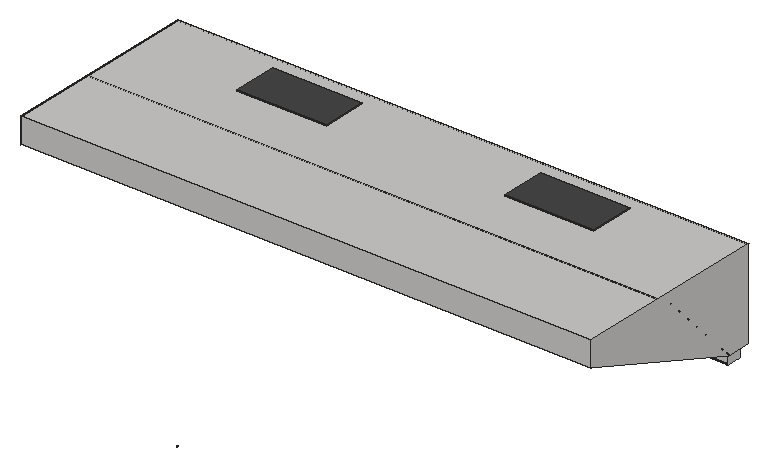
Revit family "QF_ELECTROLUXPROFESSIONAL_642094_MP1132DT", category Specialty Equipment, Revit 2014
Reference planes
  plane 1 "Center (Front/Back)": y = 0
  plane 2: z = 0
  plane 3 "Center (Left/Right)": x = 150
  plane 4 "LEFT": x = -1450
  plane 5 "RIGHT": x = 1750
  plane 6 "BACK": y = 550
  plane 7 "FRONT": y = -550
  plane 8 "Plane": z = 2000
  plane 9 "TOP": z = 2140
  plane 10 "Base": z = 1640
  plane 11: z = 1566
  plane 12 "DrainY": y = 485
  plane 13: x = -1447
  plane 14: through (0, 414.509, 1640.8) normal (0, 0.7314, 0.682)
  plane 15: y = 470
  plane 16: y = 220
  plane 17 "DrainX": x = 1630
  plane 18: x = -350
  plane 19: x = 650
  plane 20: x = -850
  plane 21: x = 1150
  plane 22: x = 1747
  plane 23: x = 1540
  plane 24: x = 1720
  plane 25: x = -1410
  plane 26: x = -1045
  plane 27: x = -650
  plane 28: x = 1710
  plane 29: x = 1345
  plane 30: x = 950
Forms (mm)
  Extrusion 1, solid, material "QF_Finishes_Stainless Steel"
    sketch origin (-1450, 0, 0) x (0, 1, 0) y (0, 0, 1)
      loop
        line (550, 1640) -> (550, 2140) -> (-550, 2140) -> (-550, 1999.112) -> (413.973, 1640) -> (550, 1640)
    from 0 to 3
  Extrusion 2, solid, material "QF_Finishes_Stainless Steel"
    sketch origin (150, 0, 0) x (0, 1, 0) y (0, 0, 1)
      loop
        line (415.255, 1640) -> (550, 1640) -> (550, 2139.19) -> (549.2, 2139.19) -> (549.2, 1640.8) -> (415.876, 1640.8) -> (339.347, 1722.867) -> (349.609, 1732.436) -> (348.927, 1733.167) -> (337.934, 1722.917) -> (415.255, 1640)
      loop
        line (-82.203, 2139.19) -> (-82.203, 2118.6) -> (-31.047, 2118.6) -> (34.354, 2048.466) -> (46.028, 2059.352) -> (45.346, 2060.083) -> (34.403, 2049.879) -> (-30.612, 2119.6) -> (-81.203, 2119.6) -> (-81.203, 2139.19) -> (-82.203, 2139.19)
    from -1597 to 1597
  Extrusion 3, solid, material "QF_Finishes_Stainless Steel"
    sketch origin (1750, 0, 0) x (0, 1, 0) y (0, 0, 1)
      loop
        line (550, 1640) -> (550, 2140) -> (-550, 2140) -> (-550, 1999.112) -> (413.973, 1640) -> (550, 1640)
    from 0 to -3
  Extrusion 4, solid, material "QF_Finishes_Stainless Steel"
    sketch origin (150, 0, 0) x (0, 1, 0) y (0, 0, 1)
      loop
        line (-550, 2140) -> (-550, 2000) -> (-549.2, 2000) -> (-549.2, 2139.19) -> (550, 2139.19) -> (550, 2140) -> (-550, 2140)
    from -1600 to 1600
  Extrusion 5, solid, material "QF_Finishes_Stainless Steel"
    sketch origin (150, 0, 0) x (0, 1, 0) y (0, 0, 1)
      loop
        line (534, 1640) -> (436, 1640) -> (436, 1627) -> (443.5, 1627) -> (443.5, 1576)
        arc (443.5, 1576) -> (446.429, 1568.929) -> (453.5, 1566) r 10
        line (453.5, 1566) -> (516.5, 1566)
        arc (516.5, 1566) -> (523.571, 1568.929) -> (526.5, 1576) r 10
        line (526.5, 1576) -> (526.5, 1627) -> (534, 1627) -> (534, 1640)
    from 1390 to 1570
  Extrusion 6, solid, material "QF_Finishes_Stainless Steel"
    sketch origin (0, 0, 1640) x (0, 1, 0) y (-1, 0, 0)
      loop
        circle (485, -1630) r 20
    from -76 to -74
  Extrusion 7, solid, material "QF_Finished_Chrome"
    sketch origin (150, 0, 0) x (0, 1, 0) y (0, 0, 1)
      loop
        line (337.934, 1722.917) -> (341.591, 1726.327) -> (38.011, 2051.876) -> (34.354, 2048.466) -> (337.934, 1722.917)
    from -1195 to -1560
  Extrusion 8, solid, material "QF_Finished_Chrome"
    sketch origin (150, 0, 0) x (0, 1, 0) y (0, 0, 1)
      loop
        line (337.934, 1722.917) -> (341.591, 1726.327) -> (38.011, 2051.876) -> (34.354, 2048.466) -> (337.934, 1722.917)
    from 800 to -800
  Extrusion 9, solid, material "QF_Finishes_Stainless Steel"
    sketch origin (150, 0, 0) x (0, 1, 0) y (0, 0, 1)
      loop
        line (337.934, 1722.917) -> (341.591, 1726.327) -> (38.011, 2051.876) -> (34.354, 2048.466) -> (337.934, 1722.917)
    from 1597 to 1560
  Extrusion 10, solid, material "QF_Finishes_Stainless Steel"
    sketch origin (150, 0, 0) x (0, 1, 0) y (0, 0, 1)
      loop
        line (341.588, 1726.324) -> (38.009, 2051.874) -> (34.354, 2048.466) -> (337.934, 1722.917) -> (341.588, 1726.324)
    from -1195 to -800
  Extrusion 11, solid, material "QF_Finished_Chrome"
    sketch origin (150, 0, 0) x (0, 1, 0) y (0, 0, 1)
      loop
        line (341.588, 1726.324) -> (38.009, 2051.874) -> (34.354, 2048.466) -> (337.934, 1722.917) -> (341.588, 1726.324)
    from 1195 to 1560
  Extrusion 12, solid, material "QF_Finishes_Black"
    sketch origin (0, 0, 2140) x (0, 1, 0) y (-1, 0, 0)
      loop
        line (470, 850) -> (220, 850) -> (220, 350) -> (470, 350) -> (470, 850)
    from 5 to 0
  Extrusion 13, solid, material "QF_Finishes_Black"
    sketch origin (940, 0, 2140) x (0, 1, 0) y (-1, 0, 0)
      loop
        line (470, 290) -> (220, 290) -> (220, -210) -> (470, -210) -> (470, 290)
    from 5 to 0
  Extrusion 14, solid, material "QF_Finishes_Stainless Steel"
    sketch origin (0, 0, 0) x (1, 0, 0) y (0, 1, 0)
      loop
        line (-1450, 550) -> (-1450, 549) -> (-1449, 549) -> (-1449, 550) -> (-1450, 550)
    from 0 to 1
  Extrusion 15, solid, material "QF_Finishes_Stainless Steel"
    sketch origin (150, 0, 0) x (0, 1, 0) y (0, 0, 1)
      loop
        line (337.934, 1722.917) -> (341.591, 1726.327) -> (38.011, 2051.876) -> (34.354, 2048.466) -> (337.934, 1722.917)
    from -1560 to -1597
  Extrusion 16, solid, material "QF_Finishes_Stainless Steel"
    sketch origin (150, 0, 0) x (0, 1, 0) y (0, 0, -1)
      loop
        line (341.588, -1726.324) -> (337.934, -1722.917) -> (34.354, -2048.466) -> (38.009, -2051.874) -> (341.588, -1726.324)
    from -1195 to -800
Cuts and joins
  joined: Extrusion 2, Extrusion 4
Lines and regions (mm)
  reference lines
    curve 1: line (150, 34.354, 2048.466) -> (150, 34.354, 1888.466)
  symbolic lines, style "SpecialityEquipment", detail levels coarse
    curve 2: line (1750, 550, 2140) -> (-1450, 550, 2140)
    curve 3: line (-1450, 550, 2140) -> (-1450, -550, 2140)
    curve 4: line (1750, -550, 2140) -> (1750, 550, 2140)
    curve 5: line (-1450, -550, 2140) -> (1750, -550, 2140)
    curve 6: line (-850, 220, 2140) -> (-350, 220, 2140)
    curve 7: line (-850, 470, 2140) -> (-850, 220, 2140)
    curve 8: line (-350, 470, 2140) -> (-850, 470, 2140)
    curve 9: line (-350, 220, 2140) -> (-350, 470, 2140)
    curve 10: line (650, 470, 2140) -> (650, 220, 2140)
    curve 11: line (650, 220, 2140) -> (1150, 220, 2140)
    curve 12: line (1150, 470, 2140) -> (650, 470, 2140)
    curve 13: line (1150, 220, 2140) -> (1150, 470, 2140)
    curve 14: line (-1450, -550, 0) -> (1750, 550, 0)
    curve 15: line (1750, -550, 0) -> (-1450, 550, 0)
Dimensions and locks
  plane 4 "LEFT" to plane 5 "RIGHT" = 3200 mm
  equal spacing: plane 4 "LEFT", plane 3 "Center (Left/Right)", plane 5 "RIGHT"
  locked: plane 8 "Plane" to level at 2000
  plane 9 "TOP" to plane 8 "Plane" = 140 mm
  locked: plane 9 "TOP" to plane 10 "Base" at 500
  plane 10 "Base" to plane 11 = 74 mm
  plane 6 "BACK" to plane 12 "DrainY" = 65 mm  (x2)
  plane 4 "LEFT" to plane 13 = 3 mm
  plane 6 "BACK" to plane 15 = 80 mm
  plane 15 to plane 16 = 250 mm  (x2)
  plane 17 "DrainX" to plane 5 "RIGHT" = 120 mm
  locked: plane 18 to plane 19 at 1000
  equal spacing: plane 18, plane 3 "Center (Left/Right)", plane 19
  plane 20 to plane 18 = 500 mm
  plane 19 to plane 21 = 500 mm
  plane 22 to plane 5 "RIGHT" = 3 mm
  locked: plane 23 to plane 17 "DrainX" at 90
  locked: plane 17 "DrainX" to plane 24 at 90
  plane 6 "BACK" to plane 7 "FRONT" = 1100 mm  (x2)
  equal spacing: plane 6 "BACK", plane 1 "Center (Front/Back)", plane 7 "FRONT"
  plane 16 to plane 7 "FRONT" = 770 mm
  plane 15 to plane 6 "BACK" = 80 mm
  locked: plane 4 "LEFT" to plane 25 at 40
  locked: plane 25 to plane 26 at 365
  locked: plane 26 to plane 27 at 395
  locked: plane 28 to plane 29 at 365
  locked: plane 29 to plane 30 at 395
  locked: plane 28 to plane 5 "RIGHT" at 40
  plane 27 to plane 30 = 1600 mm
  aligned and locked: level to plane 2
  aligned and locked: Extrusion 2 to Extrusion 1
  aligned and locked: Extrusion 2 to Extrusion 3
  aligned and locked: plane 5 "RIGHT" to Extrusion 4
  aligned and locked: Extrusion 4 to plane 4 "LEFT"
  aligned and locked: plane 22 to Extrusion 9
  aligned and locked: plane 20 to Extrusion 12
  aligned and locked: Extrusion 12 to plane 18
  aligned and locked: Extrusion 12 to plane 16
  aligned and locked: Extrusion 12 to plane 15
  aligned and locked: Extrusion 13 to plane 21
  aligned and locked: plane 19 to Extrusion 13
  aligned and locked: Extrusion 2 to Extrusion 4
  aligned and locked: plane 24 to Extrusion 5
  aligned and locked: Extrusion 5 to plane 23
  aligned and locked: Extrusion 9 to plane 28
  aligned and locked: Extrusion 11 to plane 28
  aligned and locked: Extrusion 11 to plane 29
  aligned and locked: Extrusion 8 to plane 30
  aligned and locked: Extrusion 8 to plane 27
  aligned and locked: plane 27 to Extrusion 10
  aligned and locked: Extrusion 10 to plane 26
  aligned and locked: plane 26 to Extrusion 7
  aligned and locked: Extrusion 7 to plane 25
  aligned and locked: Extrusion 15 to plane 13
  aligned and locked: plane 25 to Extrusion 15
  aligned and locked: Extrusion 16 to plane 30
  aligned and locked: Extrusion 16 to plane 29
  aligned and locked: Extrusion 3 to plane 22
Automatic sketch dimensions
  curve 5 to plane 4 "LEFT" = 0 mm
  curve 5 to plane 7 "FRONT" = 0 mm
  curve 9 to plane 16 = 0 mm
  curve 10 to plane 16 = 0 mm
  plane 15 to curve 8 = 0 mm
  plane 15 to curve 12 = 0 mm
  curve 3 to plane 6 "BACK" = 0 mm
  curve 5 to plane 5 "RIGHT" = 0 mm
  curve 11 to plane 21 = 0 mm
  curve 10 to plane 19 = 0 mm
  curve 6 to plane 18 = 0 mm
  curve 6 to plane 20 = 0 mm
  Extrusion 1 sketch curve to plane 7 "FRONT" = 0 mm
  Extrusion 1 sketch curve to plane 10 "Base" = 0 mm
  Extrusion 1 sketch curve to plane 6 "BACK" = 0 mm
  Extrusion 1 sketch curve to plane 9 "TOP" = 0 mm
  plane 15 to Extrusion 1 sketch curve = 56.027 mm
  Extrusion 1 sketch curve to plane 8 "Plane" = 0.888 mm
  Extrusion 2 sketch curve to plane 14 = 0 mm  (x3)
  Extrusion 2 sketch curve to plane 10 "Base" = 0 mm
  plane 14 to Extrusion 2 sketch curve = 0 mm
  Extrusion 2 sketch curve to plane 6 "BACK" = 0 mm
  Extrusion 2 sketch curve to Extrusion 2 sketch curve = 65.646 mm
  Extrusion 2 sketch curve to Extrusion 2 sketch curve = 0.682 mm  (x2)
  Extrusion 2 sketch curve to Extrusion 2 sketch curve = 10.261 mm
  plane 10 "Base" to Extrusion 2 sketch curve = 82.917 mm
  Extrusion 2 sketch curve to plane 1 "Center (Front/Back)" = 46.028 mm
  Extrusion 2 sketch curve to Extrusion 2 sketch curve = 10.942 mm
  Extrusion 2 sketch curve to Extrusion 2 sketch curve = 0.049 mm
  Extrusion 2 sketch curve to plane 9 "TOP" = 20.4 mm
  Extrusion 2 sketch curve to plane 9 "TOP" = 21.4 mm
  Extrusion 2 sketch curve to plane 9 "TOP" = 0.81 mm  (x2)
  Extrusion 2 sketch curve to Extrusion 2 sketch curve = 50.156 mm
  Extrusion 2 sketch curve to Extrusion 2 sketch curve = 1 mm
  plane 10 "Base" to Extrusion 2 sketch curve = 0.8 mm
  Extrusion 2 sketch curve to plane 6 "BACK" = 0.8 mm
  Extrusion 3 sketch curve to plane 7 "FRONT" = 0 mm
  Extrusion 3 sketch curve to plane 10 "Base" = 0 mm
  Extrusion 3 sketch curve to plane 6 "BACK" = 0 mm
  Extrusion 3 sketch curve to plane 9 "TOP" = 0 mm
  plane 15 to Extrusion 3 sketch curve = 56.027 mm
  Extrusion 3 sketch curve to plane 8 "Plane" = 0.888 mm
  Extrusion 4 sketch curve to plane 7 "FRONT" = 0 mm
  Extrusion 4 sketch curve to plane 8 "Plane" = 0 mm
  Extrusion 4 sketch curve to plane 6 "BACK" = 0 mm
  Extrusion 4 sketch curve to plane 9 "TOP" = 0 mm
  plane 7 "FRONT" to Extrusion 4 sketch curve = 0.8 mm
  Extrusion 4 sketch curve to plane 9 "TOP" = 0.81 mm
  curve 1 to plane 14 = 0 mm
  curve 1 to plane 1 "Center (Front/Back)" = 34.354 mm
  curve 1 to plane 8 "Plane" = 111.534 mm
  Extrusion 5 sketch curve to plane 10 "Base" = 0 mm
  Extrusion 5 sketch curve to plane 11 = 0 mm
  Extrusion 5 sketch curve to plane 10 "Base" = 13 mm  (x2)
  plane 15 to Extrusion 5 sketch curve = 34 mm
  Extrusion 5 sketch curve to Extrusion 5 sketch curve = 7.5 mm  (x2)
  Extrusion 5 sketch curve to Extrusion 5 sketch curve = 10 mm
  plane 12 "DrainY" to Extrusion 5 sketch curve = 31.5 mm
  Extrusion 5 sketch curve to plane 6 "BACK" = 23.5 mm
  Extrusion 6 sketch curve to plane 12 "DrainY" = 0 mm
  Extrusion 6 sketch curve to plane 17 "DrainX" = 0 mm
  Extrusion 7 sketch curve to plane 14 = 0 mm  (x2)
  Extrusion 7 sketch curve to plane 1 "Center (Front/Back)" = 34.354 mm
  Extrusion 7 sketch curve to Extrusion 7 sketch curve = 3.657 mm
  plane 10 "Base" to Extrusion 7 sketch curve = 82.917 mm
  Extrusion 8 sketch curve to plane 14 = 0 mm  (x2)
  Extrusion 8 sketch curve to plane 1 "Center (Front/Back)" = 34.354 mm
  Extrusion 8 sketch curve to Extrusion 8 sketch curve = 3.657 mm
  plane 10 "Base" to Extrusion 8 sketch curve = 82.917 mm
  Extrusion 9 sketch curve to plane 14 = 0 mm  (x2)
  Extrusion 9 sketch curve to plane 1 "Center (Front/Back)" = 34.354 mm
  Extrusion 9 sketch curve to Extrusion 9 sketch curve = 3.657 mm
  plane 10 "Base" to Extrusion 9 sketch curve = 82.917 mm
  Extrusion 10 sketch curve to plane 14 = 0 mm  (x2)
  Extrusion 10 sketch curve to plane 1 "Center (Front/Back)" = 34.354 mm
  Extrusion 10 sketch curve to Extrusion 10 sketch curve = 3.655 mm
  plane 10 "Base" to Extrusion 10 sketch curve = 82.917 mm
  Extrusion 11 sketch curve to plane 14 = 0 mm  (x2)
  Extrusion 11 sketch curve to plane 1 "Center (Front/Back)" = 34.354 mm
  Extrusion 11 sketch curve to Extrusion 11 sketch curve = 3.655 mm
  plane 10 "Base" to Extrusion 11 sketch curve = 82.917 mm
  Extrusion 12 sketch curve to plane 16 = 0 mm
  plane 15 to Extrusion 12 sketch curve = 0 mm
  Extrusion 12 sketch curve to plane 18 = 0 mm
  Extrusion 12 sketch curve to plane 20 = 0 mm
  Extrusion 13 sketch curve to plane 16 = 0 mm
  plane 15 to Extrusion 13 sketch curve = 0 mm
  Extrusion 13 sketch curve to plane 21 = 0 mm
  Extrusion 13 sketch curve to plane 19 = 0 mm
  Extrusion 14 sketch curve to plane 4 "LEFT" = 0 mm
  Extrusion 14 sketch curve to plane 6 "BACK" = 0 mm
  plane 4 "LEFT" to Extrusion 14 sketch curve = 1 mm
  Extrusion 14 sketch curve to plane 6 "BACK" = 1 mm
  Extrusion 15 sketch curve to plane 14 = 0 mm  (x2)
  Extrusion 15 sketch curve to plane 1 "Center (Front/Back)" = 34.354 mm
  Extrusion 15 sketch curve to Extrusion 15 sketch curve = 3.657 mm
  plane 10 "Base" to Extrusion 15 sketch curve = 82.917 mm
  Extrusion 16 sketch curve to plane 14 = 0 mm  (x2)
  Extrusion 16 sketch curve to plane 1 "Center (Front/Back)" = 34.354 mm
  Extrusion 16 sketch curve to Extrusion 16 sketch curve = 3.655 mm
  plane 10 "Base" to Extrusion 16 sketch curve = 82.917 mm
  curve 15 to plane 4 "LEFT" = 0 mm
  curve 14 to plane 4 "LEFT" = 0 mm
  curve 15 to plane 5 "RIGHT" = 0 mm
  curve 14 to plane 5 "RIGHT" = 0 mm
  curve 15 to plane 7 "FRONT" = 0 mm
  curve 14 to plane 7 "FRONT" = 0 mm
  curve 15 to plane 6 "BACK" = 0 mm
  curve 14 to plane 6 "BACK" = 0 mm
  radius of Extrusion 6 sketch curve = 20 mm
Connectors
  piping at (1630, 485, 1564), diameter 20
    settings: on Extrusion 6, index 1, connector inside diameter 609.6 mm, connector length 0 mm, flow factor 0, pipe flow 0.0 L/s, pressure drop 0.0 Pa, fitting loss kfactor 0, connector angle 0.00°, fixture units 0, engagement length 0 mm, angle of deflection 0.00°, flow configuration 1, flow direction 2, fitting loss method 0, system type 16, joint type 0, gender type 0, connector reference index -1, connector utility 0, adjustable connector no, is connector primary yes, connector description "Drain"
  hvac at (-600, 345, 2145)
    settings: on Extrusion 12, index 2, duct flow 0.0 L/s, flow factor 0, pres drop 0.0 Pa, loss coef 0, conn angle 0.00°, conn width 250 mm, conn height 500 mm, conn diameter 609.6 mm, duct sys type 3, conn prof type 1, flow config 1, flow direction 0, loss method 0, conn ref index -1, conn util no, is conn primary yes, conn desc "EXHAUST OUTLET"
  hvac at (900, 345, 2145)
    settings: on Extrusion 13, index 3, duct flow 0.0 L/s, flow factor 0, pres drop 0.0 Pa, loss coef 0, conn angle 0.00°, conn width 250 mm, conn height 500 mm, conn diameter 609.6 mm, duct sys type 3, conn prof type 1, flow config 1, flow direction 0, loss method 0, conn ref index -1, conn util no, is conn primary no, conn desc "EXHAUST OUTLET"
